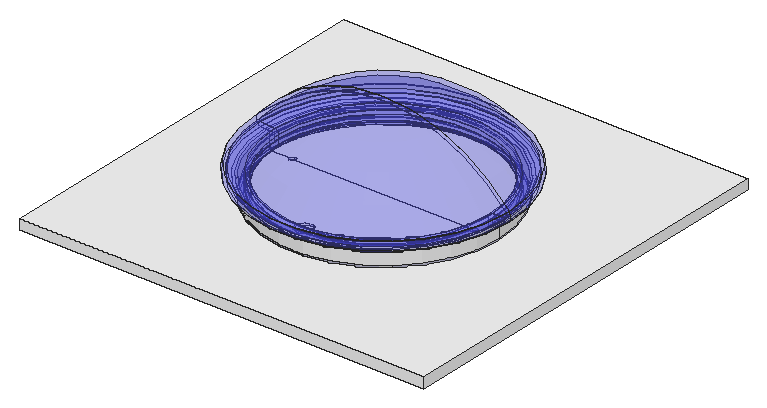
Revit family "BE_12132_de_DE", category Leuchten, Revit 2020
Family settings
  Basisbauteil = Fläche
  Bemaßung runder Anschluss = Durchmesser verwenden
  Teiletyp = Normal
  Beim Laden mit Abzugskörper schneiden = Ja
  Lichtquelle = Ja
  Gemeinsam genutzt = Nein
  Raumberechnungspunkt = Ja
Parameters (values of type "BEGA_12132_K3")
  built-in parameter 1150104 = 11.706 (stored number, unit not read)
  Wattage = 8.4 W
  Default Elevation = 0 mm
  built-in parameter 1150113 = 1 (stored number, unit not read)
  built-in parameter 1114218 = 1 (stored number, unit not read)
  Umgebungstemperatur = "25 °C"
  URL = "http://www.bega.de/de/produkt/12132"
  Typenkommentare = "© 2022 BEGA. Wir behalten uns das Recht vor, technische Änderungen ohne vorherige Ankündigung vorzunehmen."  # constant formula
  built-in parameter 1150134 = 12
  built-in parameter 1150109 = 1 (stored number, unit not read)
  Strom = ""
  built-in parameter 1150110 = 1 (stored number, unit not read)
  Spannung = 239.996 V
  Sonderanfertigung = no
  Seriennummer [instance] = "Hier können Sie die eindeutige Seriennummer für das Facility Management eintragen."
  Schutzklasse = "I"
  Schutzart = "IP 20"
  Scheinlast = 0 VA
  Produktdatenblatt = "http://www.bega.de/download/Xrfa/db/12132.db.de.pdf"
  Oberflächentemperatur = ""
  Neigungswinkel = 0.00°
  Model = "12132K4"
  Material_17 = BEGA_Reflektor
  Material_15 = BEGA_Leuchtmedium_matt
  Material_11 = BEGA_Glas_opal
  Material_09 = BEGA_Glas_klar
  Material_06 = BEGA_Oberfläche_Edelstahl_gebürstet
  Material_03 = BEGA_Oberfläche_Weiss_matt
  Material_02 = BEGA_Oberfläche_Silber_matt
  Material_01 [instance] = BEGA_Oberfläche_Grafit_matt
  M_W = no
  M_G = no
  M_A = no
  Logo = 0
  built-in parameter 1114217 = 1 (stored number, unit not read)
  built-in parameter 1150139 = (empty or 0)
  built-in parameter 1150105 = 267.61 (stored number, unit not read)
  built-in parameter 1150114 = 1 (stored number, unit not read)
  Lumens = 1058.4 lm
  built-in parameter 1150115 = 1 (stored number, unit not read)
  Leuchtenlichtstrom = "624 lm"
  Leuchtenanzahl = ""
  Lebensdauerkriterien = "L70B50 @ 25 °C = 338000 h"
  Lastklassifizierung = Beleuchtung
  built-in parameter 1150112 = 1 (stored number, unit not read)
  Lampenlichtstrom = "1055 lm"
  Lamp = "LED 8.4 W"
  LED_Modulbezeichnung = "LED-0508/930"
  built-in parameter 1150142 = (empty or 0)
  Hersteller = "BEGA"  # constant formula
  Halbstreuwinkel = ""
  Gewicht = "2.9 kg"
  Gebrauchslageneinschränkung [instance] = ""
  Frequenz = "50-60 Hz"
  Farbwiedergabeindex = "CRI > 90"
  Farbtemperaturverschiebung bei Dämpfen der Lampe = <Keine Auswahl>
  Farbtemperatur = "4000 K"
  Color Filter = 16777215
  built-in parameter 1150133 = 10 (stored number, unit not read)
  Energieeffizienzklasse = "LED A++ - A"
  built-in parameter 1150137 = (empty or 0)
  built-in parameter 1150132 = (empty or 0)
  ENEC = "ja"
  Dimmbar [instance] = ""
  Photometric Web File = "BE_12132K4.IES"
  CE_Konformität = "ja"
  Bestellnummer = "12132K4"
  Beschreibung_Sonderanfertigung = "Hier können Sie Informationen zur Sonderanfertigung eintragen."
  Beschreibung = "Decken- und Wandleuchte"
  built-in parameter 1150106 = 2.6761 (stored number, unit not read)
  Befestigungsbohrung = "Ø 5,5 mm"
  Befestigungsabstand = "180 mm"
  Ballwurfsicher = ""
  BEGA_Intern_aus = yes
  BEGA_Intern_an = yes
  BEGA_Intern_Konstruktion = yes
  BEGA_Intern = yes
  BEGA_IES = yes
  BEGA_Dummy = no
  Anschlussleitung = ""
  Anschlussleistung [instance] = "10.5 W"
  Anschlusskasten = ""
  built-in parameter 1150107 = 4000 (stored number, unit not read)
  built-in parameter 1150102 = (empty or 0)
  built-in parameter 1150138 = (empty or 0)
  Aktualisierung = "2019-10-29T04:00:14"
  Abstand_zur_angestrahlten_Fläche [instance] = ""
  AC/DC = "AC"
Types (2, lengths in mm): name | built-in parameter 1150134 | Model | built-in parameter 1150105 | Leuchtenlichtstrom | Lampenlichtstrom | LED_Modulbezeichnung | built-in parameter 1150142 | Farbtemperatur | Photometric Web File | Bestellnummer | built-in parameter 1150106 | built-in parameter 1150107
  BEGA_12132_K3 | (empty or 0) | "12132K3" | 267.65 (stored number, unit not read) | "712 lm" | "1205 lm" | "LED-0508/930" | "IESNA:LM-63-1995\r\n[TEST] \r\n[MANUFAC] BEGA\r\n[MORE] Converted by LUMCat V \r\n[MORE] 13.02.2015 / H.R.\r\n[LUMCAT] \r\n[LUMINAIRE] 12132K3\r\n[LAMPCAT] LED  8,4W\r\n[LAMPCAT] LED  8,4W     624 lm,   11 W\r\n[LAMP] LED  8,4W\r\nTILT=NONE\r\n1     624 1.0 73 1 1 2 -0.250 0.000 0.070\r\n1.0 1.0 11\r\n   0.0   2.5   5.0   7.5  10.0  12.5  15.0  17.5  20.0  22.5  25.0  27.5  30.0\r\n  32.5  35.0  37.5  40.0  42.5  45.0  47.5  50.0  52.5  55.0  57.5  60.0  62.5\r\n  65.0  67.5  70.0  72.5  75.0  77.5  80.0  82.5  85.0  87.5  90.0  92.5  95.0\r\n  97.5 100.0 102.5 105.0 107.5 110.0 112.5 115.0 117.5 120.0 122.5 125.0 127.5\r\n 130.0 132.5 135.0 137.5 140.0 142.5 145.0 147.5 150.0 152.5 155.0 157.5 160.0\r\n 162.5 165.0 167.5 170.0 172.5 175.0 177.5 180.0\r\n   0.0\r\n     157.8     157.7     157.2     156.3     155.2     153.8     152.0     149.9\r\n     147.6     144.9     142.0     138.8     135.3     131.6     127.6     123.5\r\n     119.1     114.5     109.9     105.1     100.3      95.4      90.4      85.4\r\n      80.4      75.5      70.5      65.7      61.0      56.4      51.9      47.6\r\n      43.5      39.6      36.0      32.7      29.6      26.8      24.2      21.9\r\n      19.9      18.1      16.5      15.1      14.0      13.0      12.2      11.5\r\n      11.0      10.6      10.3      10.2      10.1      10.1      10.2      10.3\r\n      10.5      10.7      11.0      11.2      11.6      11.9      12.3      12.6\r\n      12.9      13.1      13.3      13.0      11.4       9.2       6.3       2.0\r\n       0.5\r\n" | "3000 K" | "BE_12132K3.IES" | "12132K3" | 2.6765 (stored number, unit not read) | 3000 (stored number, unit not read)
  BEGA_12132_K27 | 12 | "12132K27" | 267.61 (stored number, unit not read) | "689 lm" | "1165 lm" | "LED-0508/927" | (empty or 0) | "2700 K" | "BE_12132K27.IES" | "12132K27" | 2.6761 (stored number, unit not read) | 4000 (stored number, unit not read)
Reference planes
  plane 1 "Mitte (Vorne/Hinten)": y = 0
  plane 2: z = 0
  plane 3 "Mitte (Links/Rechts)": x = 0
  plane 4 "Links": x = -126
  plane 5 "Rechts": x = 126
  plane 6 "Unten": y = -126
  plane 7 "Oben": y = 126
  plane 8 "Vorne": z = 90.4
  plane 9 "Hinten": z = 0
Forms (mm)
  Extrusion 1, solid, material "BEGA_Platte_Weiss"
    sketch origin (0, -1119.2, 0) x (1, 0, 0) y (0, 1, 0)
      loop
        line (-200, 1319.2) -> (-200, 919.2) -> (200, 919.2) -> (200, 1319.2) -> (-200, 1319.2)
    from 0 to -10
  Extrusion 2, solid, material "BEGA_Dummy_matt", visible <- "BEGA_Dummy"
    sketch origin (77.149, -76.023, 0) x (1, 0, 0) y (0, 1, 0)
      loop
        circle (-77.149, 76.023) r 126.016
    from 0 to 90.4
Dimensions and locks
  plane 1 "Mitte (Vorne/Hinten)" to Extrusion 1 = 200 mm
  aligned and locked: plane 2 to Extrusion 1
  aligned and locked: level to Extrusion 1
Nested families
  nested 1: "BE_12132" at (0, 0, 0) x (0, -1, 0) z (0, 0, 1), type "BE_12132"
Connectors
  electrical at (0, 0, 0), driven by "Lastklassifizierung", driven by "Spannung", driven by "Scheinlast"
    settings: index 1, voltage 239.996 V, apparent load 0 VA, apparent load phase1 0 VA, apparent load phase2 0 VA, apparent load phase3 0 VA, power factor 1, load classification "Beleuchtung", number of poles 1, system type 31, power factor state 1, is connector primary yes, connector utility no, sub classification motor no, connector description ""
Definition of nested family "BE_12132"
  Parameters (values of type "BE_12132")
    Default Elevation = 1 mm
    URL = "http://www.bega.de/de/produkt"
    Type Comments = "© 2015 BEGA. Wir behalten uns das Recht vor, technische Änderungen ohne vorherige Ankündigung vorzunehmen. "  # constant formula
    Type Image = (empty or 0)
    Neigungswinkel_um_Z2 = 0.00°
    Neigungswinkel_um_Z1 = 0.00°
    Neigungswinkel_um_Y2 = 0.00°
    Neigungswinkel_um_Y1 = 0.00°
    Neigungswinkel_um_X2 = 0.00°
    Neigungswinkel_um_X1 = 0.00°
    Material_17 = none
    Material_15 = none
    Material_11 = none
    Material_09 = none
    Material_06 = none
    Material_05 = none
    Material_03 = none
    Material_02 = none
    Material_01 = none
    M_W = yes
    M_G = yes
    M_A = yes
    Länge_Platte = 400 mm  # constant formula
    Höhe_Platte = -10 mm  # constant formula
    Manufacturer = "BEGA"  # constant formula
    Drehwinkel_um_Z2 = 0.00°
    Drehwinkel_um_Z1 = 0.00°
    Breite_Platte = 400 mm  # constant formula
  Reference planes
    plane 1 "Mitte (Oben/Unten)": y = 0
    plane 2: z = 0
    plane 3 "Mitte (Links/Rechts)": x = 0
    plane 4: y = 126
    plane 5: z = 90.4
    plane 6: y = -126
    plane 7: x = -126
    plane 8: x = 126
  Forms (mm)
    Extrusion 1, solid, detail levels medium
      sketch origin (0, 0, 0) x (1, 0, 0) y (0, 1, 0)
        loop
          line (-200, 200) -> (-200, -200) -> (200, -200) -> (200, 200) -> (-200, 200)
      from 0 to -10 <- "Höhe_Platte"
    Revolve 2, solid, material <- "Material_03", detail levels medium+fine
      sketch origin (0, 0, 0) x (0, 1, 0) y (0, 0, 1)
        loop
          line (117.5, 19.8) -> (117.5, 20.8) -> (115.331, 20.8)
          arc (115.331, 20.8) -> (114.063, 20.284) -> (113.524, 19.025) r 1.8
          line (113.524, 19.025) -> (113.276, 4.767)
          arc (113.276, 4.767) -> (112.825, 3.728) -> (111.776, 3.3) r 1.5
          line (111.776, 3.3) -> (0, 3.3) -> (0, 2.3) -> (111.776, 2.3)
          arc (111.776, 2.3) -> (113.525, 3.014) -> (114.275, 4.748) r 2.5
          line (114.275, 4.748) -> (114.524, 19.01)
          arc (114.524, 19.01) -> (114.764, 19.571) -> (115.329, 19.8) r 0.8
          line (115.329, 19.8) -> (117.5, 19.8)
        axis (0, 2.3) -> (0, 20.8)
      angle from 0 to 360
    Revolve 3, solid, material <- "Material_03", detail levels medium+fine
      sketch origin (0, 0, 0) x (0, 1, 0) y (0, 0, 1)
        loop
          arc (99.13, 1.943) -> (99.474, 2.206) -> (99.896, 2.3) r 1
          line (99.896, 2.3) -> (100.896, 3.3) -> (92.75, 3.3) -> (92.75, 0) -> (96.108, 0)
          arc (96.108, 0) -> (97.369, 0.281) -> (98.395, 1.067) r 3
          line (98.395, 1.067) -> (99.13, 1.943)
        axis (90, 3.3) -> (90, 0)
      angle from 0 to 360
    Revolve 4, solid, material <- "Material_03", detail levels medium+fine
      sketch origin (0, 0, 0) x (0, -1, 0) y (0, 0, 1)
        loop
          arc (99.13, 1.943) -> (99.474, 2.206) -> (99.896, 2.3) r 1
          line (99.896, 2.3) -> (100.896, 3.3) -> (92.75, 3.3) -> (92.75, 0) -> (96.108, 0)
          arc (96.108, 0) -> (97.369, 0.281) -> (98.395, 1.067) r 3
          line (98.395, 1.067) -> (99.13, 1.943)
        axis (90, 3.3) -> (90, 0)
      angle from 0 to 360
    Extrusion 5, void
      sketch origin (0, 0, 0) x (1, 0, 0) y (0, 1, 0)
        loop
          circle (80, 15) r 8.5
        loop
          circle (80, -15) r 8.5
      from 1.096 to 7.205
    Revolve 6, solid, material <- "Material_11", detail levels medium+fine
      sketch origin (0, 0, 0) x (0, 1, 0) y (0, 0, 1)
        loop
          line (0, 90.4) -> (0, 86.6)
          arc (0, 86.6) -> (67.014, 71.601) -> (121.239, 29.464) r 157.2
          arc (121.239, 29.464) -> (122.17, 27.288) -> (121.777, 24.953) r 4.2
          line (121.777, 24.953) -> (107.481, 24.204)
          arc (107.481, 24.204) -> (104.795, 22.96) -> (103.7, 20.21) r 4
          line (103.7, 20.21) -> (103.7, 16.4) -> (103.7, 11.174)
          arc (103.7, 11.174) -> (104.099, 9.678) -> (105.19, 8.579) r 3.003
          line (105.19, 8.579) -> (106.963, 7.556)
          arc (106.963, 7.556) -> (108.068, 6.43) -> (108.449, 4.9) r 3.003
          line (108.449, 4.9) -> (112.25, 4.9) -> (112.25, 8.894) -> (107.997, 11.349)
          arc (107.997, 11.349) -> (107.633, 11.715) -> (107.5, 12.214) r 1.001
          line (107.5, 12.214) -> (107.5, 19.451)
          arc (107.5, 19.451) -> (107.774, 20.139) -> (108.445, 20.45) r 1
          line (108.445, 20.45) -> (121.856, 21.152)
          arc (121.856, 21.152) -> (123.904, 21.845) -> (125.293, 23.503) r 4
          arc (125.293, 23.503) -> (125.929, 27.854) -> (124.17, 31.883) r 8
          arc (124.17, 31.883) -> (68.634, 75.038) -> (0, 90.4) r 161
        axis (0, 90.4) -> (0, 4.9)
      angle from 0 to 360
    Extrusion 7, void
      sketch origin (0, 0, 0) x (1, 0, 0) y (0, 1, 0)
        loop
          circle (0, 90) r 2.75
        loop
          circle (0, -90) r 2.75
      from 0 to 9
  Cuts and joins
    Extrusion 5, Extrusion 7 cuts Revolve 2
    Extrusion 5, Extrusion 7 cuts Revolve 3
    Extrusion 5, Extrusion 7 cuts Revolve 4
    joined: Revolve 2, Revolve 3, Revolve 4
  Dimensions and locks
    equal spacing: Extrusion 1 sketch curve, plane 3 "Mitte (Links/Rechts)", Extrusion 1 sketch curve
    equal spacing: Extrusion 1 sketch curve, plane 1 "Mitte (Oben/Unten)", Extrusion 1 sketch curve
    "Länge_Platte": Extrusion 1 sketch curve to Extrusion 1 sketch curve
    "Breite_Platte": Extrusion 1 sketch curve to Extrusion 1 sketch curve
    aligned and locked: plane 2 to Extrusion 1
    aligned and locked: level to Extrusion 1
  Automatic sketch dimensions
    Revolve 2 sketch curve to Revolve 2 sketch curve = 0 mm  (x11)
    Revolve 2 sketch curve to plane 1 "Mitte (Oben/Unten)" = 0 mm  (x2)
    Revolve 2 sketch curve to Revolve 2 sketch curve = 1.5 mm
    Revolve 2 sketch curve to Revolve 2 sketch curve = 1 mm  (x3)
    Revolve 2 sketch curve to Revolve 2 sketch curve = 0.8 mm
    Revolve 2 sketch curve to Revolve 2 sketch curve = 0.004 mm
    Revolve 2 sketch curve to Revolve 2 sketch curve = 0.002 mm
    Revolve 2 sketch curve to Revolve 2 sketch curve = 2.169 mm
    level to Revolve 2 sketch curve = 2.3 mm
    Revolve 2 sketch curve to Revolve 2 sketch curve = 1.448 mm
    Revolve 2 sketch curve to Revolve 2 sketch curve = 0.02 mm
    Revolve 2 sketch curve to Revolve 2 sketch curve = 0.033 mm
    Revolve 2 sketch curve to Revolve 2 sketch curve = 14.252 mm
    Revolve 2 sketch curve to Revolve 2 sketch curve = 0.01 mm
    Revolve 2 sketch curve to Revolve 2 sketch curve = 0.015 mm
    Revolve 2 sketch curve to Revolve 2 sketch curve = 4 mm
    Revolve 3 sketch curve to level = 0 mm
    level to Revolve 3 sketch curve = 3.3 mm
    Revolve 3 sketch curve to Revolve 3 sketch curve = 3.351 mm
    Revolve 3 sketch curve to Revolve 3 sketch curve = 0.007 mm
    level to Revolve 3 sketch curve = 1.067 mm
    Revolve 3 sketch curve to Revolve 3 sketch curve = 2.287 mm
    level to Revolve 3 sketch curve = 2.3 mm
    Revolve 3 sketch curve to Revolve 3 sketch curve = 1.501 mm
    Revolve 3 sketch curve to Revolve 3 sketch curve = 0 mm  (x2)
    Revolve 3 sketch curve to Revolve 3 sketch curve = 1 mm  (x2)
    Revolve 3 sketch curve to Revolve 3 sketch curve = 2.75 mm
    level to Revolve 3 sketch curve = 1.943 mm
    Revolve 3 sketch curve to Revolve 3 sketch curve = 0.766 mm
    Revolve 3 sketch curve to level = 2.001 mm
    Revolve 3 sketch curve to Revolve 3 sketch curve = 2 mm
    Revolve 4 sketch curve to level = 0 mm
    Revolve 4 sketch curve to level = 3.3 mm
    Revolve 4 sketch curve to Revolve 4 sketch curve = 3.351 mm
    Revolve 4 sketch curve to Revolve 4 sketch curve = 0.007 mm
    Revolve 4 sketch curve to level = 1.067 mm
    Revolve 4 sketch curve to Revolve 4 sketch curve = 2.287 mm
    Revolve 4 sketch curve to level = 2.3 mm
    Revolve 4 sketch curve to Revolve 4 sketch curve = 1.501 mm
    Revolve 4 sketch curve to Revolve 4 sketch curve = 0 mm  (x2)
    Revolve 4 sketch curve to Revolve 4 sketch curve = 1 mm  (x2)
    Revolve 4 sketch curve to Revolve 4 sketch curve = 2.75 mm
    Revolve 4 sketch curve to level = 1.943 mm
    Revolve 4 sketch curve to Revolve 4 sketch curve = 0.766 mm
    level to Revolve 4 sketch curve = 2.001 mm
    Revolve 4 sketch curve to Revolve 4 sketch curve = 2 mm
    plane 1 "Mitte (Oben/Unten)" to Extrusion 5 sketch curve = 15 mm
    Extrusion 5 sketch curve to plane 1 "Mitte (Oben/Unten)" = 15 mm
    Extrusion 5 sketch curve to Extrusion 5 sketch curve = 0 mm
    Revolve 6 sketch curve to Revolve 6 sketch curve = 0 mm  (x15)
    plane 1 "Mitte (Oben/Unten)" to Revolve 6 sketch curve = 0 mm
    Revolve 6 sketch curve to plane 1 "Mitte (Oben/Unten)" = 0 mm  (x2)
    Revolve 6 sketch curve to Revolve 6 sketch curve = 1.49 mm
    Revolve 6 sketch curve to Revolve 6 sketch curve = 0.257 mm
    Revolve 6 sketch curve to Revolve 6 sketch curve = 1.513 mm
    level to Revolve 6 sketch curve = 7.556 mm
    Revolve 6 sketch curve to Revolve 6 sketch curve = 1.773 mm
    Revolve 6 sketch curve to Revolve 6 sketch curve = 3.781 mm
    Revolve 6 sketch curve to Revolve 6 sketch curve = 3.8 mm  (x2)
    Revolve 6 sketch curve to Revolve 6 sketch curve = 0.2 mm
    Revolve 6 sketch curve to Revolve 6 sketch curve = 0.497 mm
    Revolve 6 sketch curve to Revolve 6 sketch curve = 0.745 mm
    Revolve 6 sketch curve to Revolve 6 sketch curve = 3.002 mm
    Revolve 6 sketch curve to Revolve 6 sketch curve = 0.055 mm
    Revolve 6 sketch curve to Revolve 6 sketch curve = 0.504 mm
    Revolve 6 sketch curve to Revolve 6 sketch curve = 3.801 mm  (x2)
    Revolve 6 sketch curve to Revolve 6 sketch curve = 0.13 mm
    Revolve 6 sketch curve to Revolve 6 sketch curve = 2.592 mm
    Revolve 6 sketch curve to level = 70.6 mm
    Revolve 6 sketch curve to Revolve 6 sketch curve = 1.024 mm
    Revolve 6 sketch curve to Revolve 6 sketch curve = 3.994 mm
    Revolve 6 sketch curve to Revolve 6 sketch curve = 2.594 mm
    Revolve 6 sketch curve to Revolve 6 sketch curve = 0.176 mm
    Revolve 6 sketch curve to Revolve 6 sketch curve = 0.865 mm
    Revolve 6 sketch curve to Revolve 6 sketch curve = 4.186 mm
    Revolve 6 sketch curve to Revolve 6 sketch curve = 3.051 mm
    Revolve 6 sketch curve to Revolve 6 sketch curve = 0.239 mm
    Revolve 6 sketch curve to Revolve 6 sketch curve = 3.755 mm
    Revolve 6 sketch curve to Revolve 6 sketch curve = 4.504 mm
    Revolve 6 sketch curve to Revolve 6 sketch curve = 0.193 mm
    Revolve 6 sketch curve to Revolve 6 sketch curve = 1.644 mm
    Revolve 6 sketch curve to Revolve 6 sketch curve = 2.931 mm
    Revolve 6 sketch curve to Revolve 6 sketch curve = 3.516 mm
    Revolve 6 sketch curve to Revolve 6 sketch curve = 3.81 mm
    level to Revolve 6 sketch curve = 40.4 mm
    Revolve 2 sketch curve to plane 1 "Mitte (Oben/Unten)" = 111.776 mm
    Revolve 2 sketch curve to Revolve 2 sketch curve = 0.249 mm
    Revolve 3 sketch curve to plane 1 "Mitte (Oben/Unten)" = 92.75 mm
    Revolve 6 sketch curve to plane 1 "Mitte (Oben/Unten)" = 103.7 mm
    Revolve 6 sketch curve to Revolve 6 sketch curve = 10.519 mm
    Revolve 6 sketch curve to Revolve 6 sketch curve = 3.647 mm
    Revolve 6 sketch curve to Revolve 6 sketch curve = 3.239 mm
    Revolve 6 sketch curve to Revolve 6 sketch curve = 0.079 mm
    Revolve 4 sketch curve to plane 1 "Mitte (Oben/Unten)" = 92.75 mm
    Revolve 6 sketch curve to Revolve 6 sketch curve = 46.2 mm
    plane 3 "Mitte (Links/Rechts)" to Extrusion 5 sketch curve = 80 mm
    Extrusion 7 sketch curve to plane 3 "Mitte (Links/Rechts)" = 0 mm  (x2)
    plane 6 to Extrusion 7 sketch curve = 36 mm
    plane 4 to Extrusion 7 sketch curve = 36 mm
    radius of Extrusion 5 sketch curve = 8.5 mm  (x2)
    radius of Extrusion 7 sketch curve = 2.75 mm  (x2)
